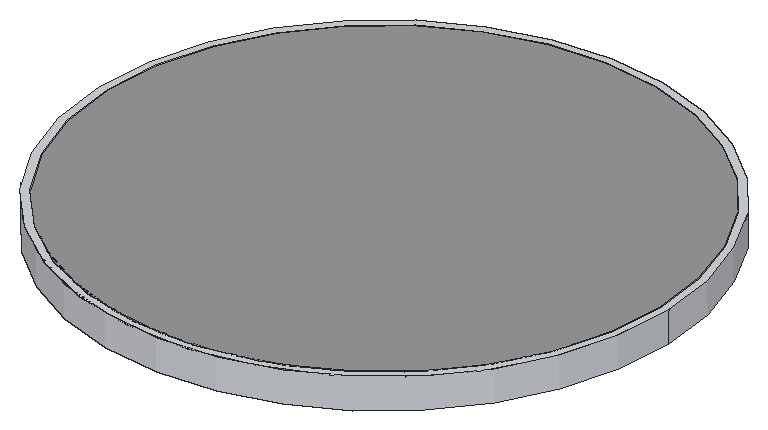
Revit family "2071296", category Lighting Fixtures, host Face, Revit 2018
Family settings
  Host = Face
  Round Connector Dimension = Use Diameter
  Part Type = Junction Box
  OmniClass Number = 23.80.70.00
  OmniClass Title = Lighting
  Cut with Voids When Loaded = No
  Light Source = Yes
  Shared = No
  Room Calculation Point = No
Parameters (values of type "2071296 COLOSSAL 1200 840 PR DIR WHT SSC")
  iner diameter = 1168 mm
  Weight = "n/a"
  Wattage Comments = ""
  Wattage = 30 W
  WarrantyStartDate [instance] = "n/a"
  WarrantyGuarantorParts = "n/a"
  WarrantyDurationUnit = "n/a"
  WarrantyDurationParts = ""
  WarrantyDescription = "http://www.sylvania-lighting.com"
  built-in parameter 1150110 = 1 (stored number, unit not read)
  Voltage = 230 V
  URL = "0.95"
  TypeName = "COLOSSAL 1200mm 840 PRISM DIR WHITE SSC"
  Type Image = <None>
  Type Comments = "n/a"
  built-in parameter 1114217 = 1 (stored number, unit not read)
  Tilt Angle = -90.00°
  built-in parameter 1150109 = 1 (stored number, unit not read)
  built-in parameter 1150134 = (empty or 0)
  built-in parameter 1150113 = 1 (stored number, unit not read)
  SerialNumber [instance] = "n/a"
  Photometric Web File = "2071296.ies"
  Material_3_SYL = LED-Sylvania
  PowerFactor = 0
  PowerConsumption = "Lighting"
  NominalLength = 1168 mm
  NominalHeight = 93 mm
  NominalDepth = 1168 mm
  Name = "COLOSSAL 1200mm 840 PRISM DIR WHITE SSC"
  ModelReference = Name  # "COLOSSAL 1200mm 840 PRISM DIR WHITE SSC"
  ModelNumber = "2071296"
  Model = Name  # "COLOSSAL 1200mm 840 PRISM DIR WHITE SSC"
  Material = "Feilo Sylvania"
  ManufacturerName = "141 lm/W"
  Manufacturer = ""
  LuminousEfficacy = ""
  built-in parameter 1150105 = 270.44 (stored number, unit not read)
  Lumens = 3398.4 lm
  LuminaireType = "0"
  built-in parameter 1150115 = 1 (stored number, unit not read)
  LightOutputRatio = "LED"
  built-in parameter 1150137 = (empty or 0)
  built-in parameter 1150139 = (empty or 0)
  LampsType = Lamp  # "n/a"
  LampNominalLuminous = "4000 K"
  LampMacAdamStep = "80"
  LampColourTemperature = "LED"
  LampColourRenderingIndex = "16500"
  built-in parameter 1150112 = 1 (stored number, unit not read)
  built-in parameter 1150114 = 1 (stored number, unit not read)
  Lamp = "n/a"
  Keynote = "n/a"
  InstallationDate [instance] = "n/a"
  InputVoltage = "0"
  InputNominalFrequency = "4000"
  built-in parameter 1150132 = (empty or 0)
  built-in parameter 1150102 = (empty or 0)
  built-in parameter 1150107 = 3000 (stored number, unit not read)
  built-in parameter 1150138 = (empty or 0)
  IngressProtection = "IfcLightFixtureType"
  ImpactProtectionIndex = "IfcLightFixtureType"
  built-in parameter 1150106 = 2.7044 (stored number, unit not read)
  IfcExportType = "IfcLightFixtureType"
  IfcExportAs = "Class I"
  Emit from Circle Diameter = 385 mm
  Emit Shape Visible in Rendering = no
  ElectricShockClassification = "141"
  built-in parameter 1150104 = 10.524 (stored number, unit not read)
  DocumentationLiterature = "http://www.sylvania-lighting.com/product/en-int/products/2071296"
  DimmingControlOptions = "n/a"
  Material_2_SYL = Polycarbonate_Sylvania_White
  Dimming Lamp Color Temperature Shift = <None>
  Description = "1200mm diameter circular architectural luminaire, can be surface mounted or suspended. Powder coated aluminium housing (RAL9016) with PMMA prismatic diffuser. Direct light distribution, 16510lm luminuous flux, 117.5W system power, 141lm/W luminiaire efficacy. Sylsmart Standalone enabled. Colour rendering index Ra >80, 4000K Neutral White LED, chromaticity tolerance of 3-step MacAdam ellipse. IP40/IP20, IK03. 350mA drive current. UGR≤19. Electrical protection Class1, 220-240V. Reported lifetime 66k hours L90B10."
  Default Elevation = 1219.2 mm
  CreatedOn = "23/03/2022"
  CreatedBy = "@sylvania-lighting.com"
  Cost = 0
  Color Filter = 16777215
  built-in parameter 1114216 [instance] = (empty or 0)
  ClassificationValue = "EF_70_80"
  ClassificationName = "Uniclass2015"
  Material_1_SYL = Polycarbonate_Sylvania_Opal
  BarCode [instance] = "n/a"
  built-in parameter 1114218 = 1 (stored number, unit not read)
  built-in parameter 1150133 = 10 (stored number, unit not read)
  AssetType = "Fixed"
  AssetIdentifier [instance] = "n/a"
  Assembly Code = "D5020200"
  Apparent Load = 117.5 VA
  Material_4_SYL = none
Reference planes
  plane 1 "Center (Front/Back)": y = 0
  plane 2: z = 0
  plane 3 "Center (Left/Right)": x = 0
  plane 4: z = 1.161
  plane 5: z = 16.161
  plane 6: y = 584
  plane 7: y = -584
  plane 8: x = 85
  plane 9: x = -85
  plane 10: through (0, 0, 1219.2) normal (0.5, 0.866, 0)
  plane 11: through (42.5, 73.612, 1219.2) normal (0.5, 0.866, 0)
  plane 12: through (-42.5, -73.612, 1219.2) normal (0.5, 0.866, 0)
  plane 13: through (0, 0, 1219.2) normal (0.5, -0.866, 0)
  plane 14: through (-42.5, 73.612, 1219.2) normal (0.5, -0.866, 0)
  plane 15: through (42.5, -73.612, 1219.2) normal (0.5, -0.866, 0)
  plane 16: z = 93
  plane 17: y = 584
  plane 18: y = -584
  plane 19: y = -429
  plane 20: x = -584
  plane 21: x = 584
Forms (mm)
  Extrusion 1, solid, detail levels medium+fine
    sketch origin (0, 0, 0) x (0.866025, -0.5, 0) y (0.5, 0.866025, 0)
      loop
        circle (-50, 86.603) r 22
    from 0 to 2
  Extrusion 2, solid, detail levels medium+fine
    sketch origin (0, 0, 0) x (0.866025, -0.5, 0) y (0.5, 0.866025, 0)
      loop
        circle (100, 0) r 22
      loop
        circle (-50, -86.603) r 22
    from 0 to 2
  Extrusion 3, solid, detail levels medium+fine
    sketch origin (0, 0, 0) x (1, 0, 0) y (0, 1, 0)
      loop
        circle (0, 0) r 584
    from 30 to 93
  Extrusion 4, void
    sketch origin (0, 0, 0) x (1, 0, 0) y (0, 1, 0)
      loop
        circle (0, 0) r 568
    from 96.588 to 37.292
  Extrusion 5, solid, material "Glass, White, High Luminance", detail levels fine
    sketch origin (0, 0, 0) x (1, 0, 0) y (0, 1, 0)
      loop
        circle (0, 0) r 568
    from 88.022 to 93
  Extrusion 6, solid, detail levels coarse
    sketch origin (0, 0, 0) x (1, 0, 0) y (0, 1, 0)
      loop
        line (-584, 584) -> (-584, -584) -> (584, -584) -> (584, 584) -> (-584, 584)
    from 0 to 93
  Blend 7, solid, detail levels medium+fine
    base sketch origin (-10.814, 11.299, 29.922) x (1, 0, 0) y (0, 1, 0)
      loop
        line (-402.654, -330.622) -> (397.346, -330.622) -> (482.346, -183.398) -> (82.346, 509.423) -> (-87.654, 509.423) -> (-487.654, -183.398) -> (-402.654, -330.622)
    top sketch origin (-10.814, 11.299, 29.922) x (1, 0, 0) y (0, 1, 0)
      loop
        line (-363.391, -306.496) -> (364.632, -306.496) -> (449.632, -159.272) -> (87.132, 468.597) -> (-82.868, 468.597) -> (-445.368, -159.272) -> (-363.391, -306.496)
    from 0 to -30
Cuts and joins
  Extrusion 4 cuts Extrusion 1
  Extrusion 4 cuts Extrusion 2
  Extrusion 4 cuts Extrusion 3
Lines and regions (mm)
  model lines, detail levels medium+fine
    curve 1: circle (0, 0, 0) r 155 normal (0, 0, 1)
  reference lines
    curve 2: circle (0, 0, 0) r 489 normal (0, 0, 1)
    curve 3: circle (0, 0, 0) r 521 normal (0, 0, 1)
    curve 4: line (0, 0, 0) -> (606.218, -350, 0)
    curve 5: line (0, 0, 0) -> (0, 825, 0)
    curve 6: line (0, 0, 0) -> (-623.538, -360, 0)
    curve 7: line (639.013, -270.785, 0) -> (85, 49.075, 0)
    curve 8: line (563.718, -423.612, 0) -> (0, -98.15, 0)
    curve 9: line (85, 49.075, 0) -> (85, 825, 0)
    curve 10: line (-85, 49.075, 0) -> (-85, 825, 0)
    curve 11: line (-85, 49.075, 0) -> (-666.038, -286.388, 0)
    curve 12: line (-581.038, -433.612, 0) -> (0, -98.15, 0)
Dimensions and locks
  plane 4 to level = 1.161 mm
  locked: plane 5 to plane 4 at 15
  "NominalDepth": plane 6 to plane 7
  plane 6 to plane 1 "Center (Front/Back)" to plane 7 = 584 mm, 584 mm
  "NominalHeight": level to plane 16
  equal spacing: plane 17, plane 1 "Center (Front/Back)", plane 18
  "NominalLength": plane 20 to plane 21
  equal spacing: plane 20, plane 3 "Center (Left/Right)", plane 21
  aligned and locked: plane 2 to host face
  aligned and locked: level to host face
  aligned and locked: plane 6 to Extrusion 6
Automatic sketch dimensions
  host sketch curve to host sketch curve = 2438.4 mm  (x2)
  Extrusion 1 sketch curve to plane 3 "Center (Left/Right)" = 0 mm
  Extrusion 1 sketch curve to plane 1 "Center (Front/Back)" = 100 mm
  plane 1 "Center (Front/Back)" to Extrusion 2 sketch curve = 50 mm
  Extrusion 2 sketch curve to plane 3 "Center (Left/Right)" = 86.603 mm
  Extrusion 2 sketch curve to Extrusion 2 sketch curve = 150 mm
  Extrusion 2 sketch curve to Extrusion 2 sketch curve = 86.603 mm
  plane 1 "Center (Front/Back)" to curve 1 = 0 mm
  curve 1 to plane 3 "Center (Left/Right)" = 0 mm
  plane 1 "Center (Front/Back)" to Extrusion 3 sketch curve = 0 mm
  Extrusion 3 sketch curve to plane 3 "Center (Left/Right)" = 0 mm
  plane 1 "Center (Front/Back)" to Extrusion 4 sketch curve = 0 mm
  Extrusion 4 sketch curve to plane 3 "Center (Left/Right)" = 0 mm
  plane 1 "Center (Front/Back)" to Extrusion 5 sketch curve = 0 mm
  Extrusion 5 sketch curve to plane 3 "Center (Left/Right)" = 0 mm
  curve 2 to curve 3 = 0 mm  (x2)
  curve 11 to plane 14 = 0 mm
  curve 6 to plane 13 = 0 mm
  curve 12 to plane 15 = 0 mm
  curve 10 to plane 9 = 0 mm
  curve 12 to plane 3 "Center (Left/Right)" = 0 mm
  plane 1 "Center (Front/Back)" to curve 3 = 0 mm
  curve 3 to plane 3 "Center (Left/Right)" = 0 mm
  curve 7 to plane 8 = 0 mm
  curve 11 to plane 10 = 0 mm
  curve 12 to plane 19 = 4.612 mm
  plane 19 to curve 6 = 69 mm
  plane 19 to curve 11 = 142.612 mm
  plane 19 to curve 8 = 5.388 mm
  plane 19 to curve 4 = 79 mm
  plane 19 to curve 7 = 158.215 mm
  plane 6 to curve 5 = 241 mm
  curve 10 to curve 5 = 0 mm
  curve 5 to curve 9 = 0 mm
  plane 1 "Center (Front/Back)" to curve 6 = 0 mm
  curve 6 to plane 3 "Center (Left/Right)" = 0 mm
  Extrusion 6 sketch curve to plane 7 = 0 mm
  Extrusion 6 sketch curve to plane 6 = 0 mm
  Blend 7 sketch curve to plane 6 = 756.098 mm  (x2)
  Blend 7 sketch curve to Blend 7 sketch curve = 85 mm
  plane 3 "Center (Left/Right)" to Blend 7 sketch curve = 386.532 mm
  plane 8 to Blend 7 sketch curve = 386.532 mm
  Blend 7 sketch curve to plane 6 = 63.278 mm
  Blend 7 sketch curve to plane 6 = 731.972 mm  (x2)
  Blend 7 sketch curve to Blend 7 sketch curve = 81.977 mm
  plane 3 "Center (Left/Right)" to Blend 7 sketch curve = 353.818 mm
  plane 8 to Blend 7 sketch curve = 353.818 mm
  Blend 7 sketch curve to plane 6 = 104.104 mm
  plane 12 to curve 8 = 0 mm
  plane 19 to Blend 7 sketch curve = 109.677 mm
  plane 19 to Blend 7 sketch curve = 133.803 mm
  plane 8 to Extrusion 6 sketch curve = 499 mm
  Extrusion 6 sketch curve to plane 9 = 499 mm
  Blend 7 sketch curve to plane 8 = 13.468 mm
  Blend 7 sketch curve to plane 9 = 13.468 mm
  Blend 7 sketch curve to plane 9 = 328.468 mm
  Blend 7 sketch curve to plane 8 = 8.682 mm
  Blend 7 sketch curve to plane 9 = 8.682 mm
  Blend 7 sketch curve to plane 9 = 289.205 mm
  plane 10 to curve 4 = 0 mm
  plane 11 to curve 7 = 0 mm
  curve 12 to plane 12 = 0 mm
  curve 9 to plane 11 = 0 mm
  radius of Extrusion 1 sketch curve = 22 mm
  radius of Extrusion 2 sketch curve = 22 mm  (x2)
  radius of curve 1 = 155 mm
  radius of Extrusion 3 sketch curve = 584 mm
  radius of Extrusion 4 sketch curve = 568 mm
  radius of Extrusion 5 sketch curve = 568 mm
  radius of curve 2 = 489 mm
  radius of curve 3 = 521 mm
Connectors
  electrical at (0, 0, 30)
    settings: on cut or joined group of Extrusion 3, Extrusion 4, index 1, voltage 0 V, apparent load 0 VA, apparent load phase1 0 VA, apparent load phase2 0 VA, apparent load phase3 0 VA, power factor 1, load classification "Other", number of poles 1, system type 31, power factor state 1, is connector primary yes, connector utility no, sub classification motor no, connector description ""
